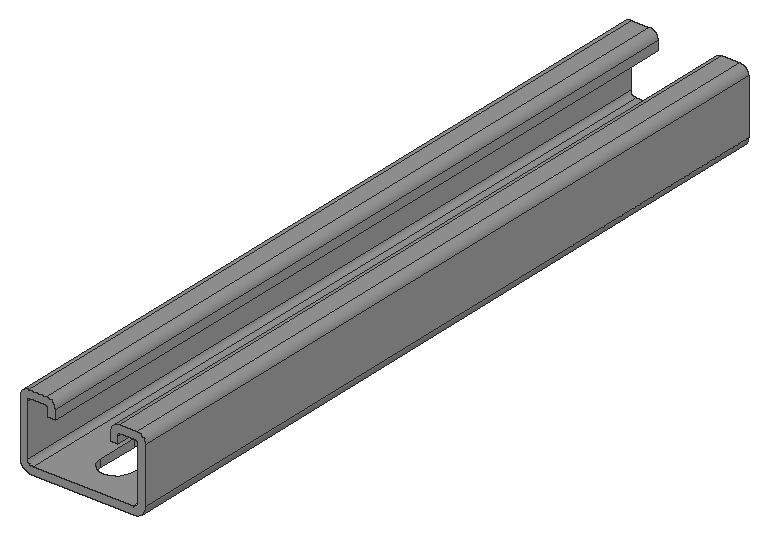
Revit family "Profilschiene- MS5030P0300 FT", category Generic Models, Revit 2017
Family settings
  Can host rebar = No
  Round Connector Dimension = Use Diameter
  Part Type = Normal
  Work Plane-Based = No
  Always vertical = Yes
  Cut with Voids When Loaded = No
  Shared = No
  Room Calculation Point = No
Parameters (values of type "MS5030P0300FT")
  Width 1 = 50 mm / 2  # 25 mm
  Width = 50 mm
  URL = "http://www.obo-bettermann.com"
  Material = Hot-dip galvanised
  Manufacturer Art.No. = "1121243"
  Manufacturer = "OBO Bettermann"
  Length = 300 mm
  GTIN = "4012195672975"
  Cut's space = 50 mm
  Cut's number = Length / Cut's space  # 6
  Article Type = "MS5030P0300FT"
Reference planes
  plane 1 "Center (Front/Back)": y = 0
  plane 2: z = 0
  plane 3 "Center (Left/Right)": x = 0
  plane 4: z = 30
  plane 5: z = 23
  plane 6: y = 300
  plane 7: y = 10
  plane 8: y = 40
  plane 9: y = 60
Forms (mm)
  Extrusion 1, solid, material "Hot-dip galvanised" <- "Material"
    sketch origin (0, 0, 0) x (1, 0, 0) y (0, 0, 1)
      loop
        line (-20.4, 0) -> (20.4, 0)
        arc (20.4, 0) -> (23.653, 1.347) -> (25, 4.6) r 4.6
        line (25, 4.6) -> (25, 26.5)
        arc (25, 26.5) -> (23.975, 28.975) -> (21.5, 30) r 3.5
        line (21.5, 30) -> (14.5, 30)
        arc (14.5, 30) -> (12.025, 28.975) -> (11, 26.5) r 3.5
        line (11, 26.5) -> (11, 23) -> (14, 23) -> (14, 26)
        arc (14, 26) -> (14.293, 26.707) -> (15, 27) r 1
        line (15, 27) -> (21, 27)
        arc (21, 27) -> (21.707, 26.707) -> (22, 26) r 1
        line (22, 26) -> (22, 5)
        arc (22, 5) -> (21.414, 3.586) -> (20, 3) r 2
        line (20, 3) -> (-20, 3)
        arc (-20, 3) -> (-21.414, 3.586) -> (-22, 5) r 2
        line (-22, 5) -> (-22, 26)
        arc (-22, 26) -> (-21.707, 26.707) -> (-21, 27) r 1
        line (-21, 27) -> (-15, 27)
        arc (-15, 27) -> (-14.293, 26.707) -> (-14, 26) r 1
        line (-14, 26) -> (-14, 23) -> (-11, 23) -> (-11, 26.5)
        arc (-11, 26.5) -> (-12.025, 28.975) -> (-14.5, 30) r 3.5
        line (-14.5, 30) -> (-21.5, 30)
        arc (-21.5, 30) -> (-23.975, 28.975) -> (-25, 26.5) r 3.5
        line (-25, 26.5) -> (-25, 4.6)
        arc (-25, 4.6) -> (-23.653, 1.347) -> (-20.4, 0) r 4.6
    from -300 to 0
  Extrusion 2, void
    sketch origin (0, 0, 0) x (1, 0, 0) y (0, 1, 0)
      loop
        arc (-6.5, 16.517) -> (0, 10.017) -> (6.5, 16.517) r 6.5
        line (6.5, 16.517) -> (6.5, 33.404)
        arc (6.5, 33.404) -> (0, 39.904) -> (-6.5, 33.404) r 6.5
        line (-6.5, 33.404) -> (-6.5, 16.517)
    from 0 to 3
  Extrusion 3, void
    sketch origin (0, 49.983, 0) x (1, 0, 0) y (0, 1, 0)
      loop
        arc (-6.5, 16.517) -> (0, 10.017) -> (6.5, 16.517) r 6.5
        line (6.5, 16.517) -> (6.5, 33.404)
        arc (6.5, 33.404) -> (0, 39.904) -> (-6.5, 33.404) r 6.5
        line (-6.5, 33.404) -> (-6.5, 16.517)
    from 0 to 3
  Extrusion 4, void
    sketch origin (0, 99.965, 0) x (1, 0, 0) y (0, 1, 0)
      loop
        arc (-6.5, 16.517) -> (0, 10.017) -> (6.5, 16.517) r 6.5
        line (6.5, 16.517) -> (6.5, 33.404)
        arc (6.5, 33.404) -> (0, 39.904) -> (-6.5, 33.404) r 6.5
        line (-6.5, 33.404) -> (-6.5, 16.517)
    from 0 to 3
  Extrusion 5, void
    sketch origin (0, 149.948, 0) x (1, 0, 0) y (0, 1, 0)
      loop
        arc (-6.5, 16.517) -> (0, 10.017) -> (6.5, 16.517) r 6.5
        line (6.5, 16.517) -> (6.5, 33.404)
        arc (6.5, 33.404) -> (0, 39.904) -> (-6.5, 33.404) r 6.5
        line (-6.5, 33.404) -> (-6.5, 16.517)
    from 0 to 3
  Extrusion 6, void
    sketch origin (0, 199.931, 0) x (1, 0, 0) y (0, 1, 0)
      loop
        arc (-6.5, 16.517) -> (0, 10.017) -> (6.5, 16.517) r 6.5
        line (6.5, 16.517) -> (6.5, 33.404)
        arc (6.5, 33.404) -> (0, 39.904) -> (-6.5, 33.404) r 6.5
        line (-6.5, 33.404) -> (-6.5, 16.517)
    from 0 to 3
  Extrusion 7, void
    sketch origin (0, 249.914, 0) x (1, 0, 0) y (0, 1, 0)
      loop
        arc (-6.5, 16.517) -> (0, 10.017) -> (6.5, 16.517) r 6.5
        line (6.5, 16.517) -> (6.5, 33.404)
        arc (6.5, 33.404) -> (0, 39.904) -> (-6.5, 33.404) r 6.5
        line (-6.5, 33.404) -> (-6.5, 16.517)
    from 0 to 3
Cuts and joins
  Extrusion 2, Extrusion 3, Extrusion 4, Extrusion 5, Extrusion 6, Extrusion 7 cuts Extrusion 1
Dimensions and locks
  locked: plane 4 to Extrusion 1 sketch curve at 30
  locked: Extrusion 1 sketch curve to plane 3 "Center (Left/Right)" at 25  (x2)
  "Width": Extrusion 1 sketch curve to Extrusion 1 sketch curve
  locked: plane 4 to plane 5 at 7
  locked: Extrusion 1 sketch curve to Extrusion 1 sketch curve at 22
  locked: Extrusion 1 to Extrusion 1 at 3  (x5)
  "Length": Extrusion 1 to Extrusion 1
  locked: plane 1 "Center (Front/Back)" to plane 7 at 10
  locked: Extrusion 2 sketch curve to Extrusion 2 sketch curve at 13
  locked: plane 8 to plane 7 at 30
  locked: plane 9 to plane 8 at 20
  locked: Extrusion 3 sketch curve to Extrusion 3 sketch curve at 13
  equal spacing: group 1, group 2, group 3, group 4, group 5, group 6  (x3)
  locked: cut or joined group of Extrusion 1, Extrusion 2, Extrusion 3, Extrusion 4, Extrusion 5, Extrusion 6, Extrusion 7 to plane 8 at 20
  locked: Extrusion 4 sketch curve to Extrusion 4 sketch curve at 13
  locked: Extrusion 5 sketch curve to Extrusion 5 sketch curve at 13
  locked: Extrusion 6 sketch curve to Extrusion 6 sketch curve at 13
  locked: Extrusion 7 sketch curve to Extrusion 7 sketch curve at 13
  aligned and locked: level to plane 2
  aligned and locked: plane 1 "Center (Front/Back)" to Extrusion 1
  aligned and locked: Extrusion 1 to Extrusion 2
  aligned and locked: Extrusion 2 to level
Automatic sketch dimensions
  Extrusion 1 sketch curve to Extrusion 1 sketch curve = 0.4 mm  (x2)
  Extrusion 1 sketch curve to plane 5 = 0 mm  (x2)
  Extrusion 1 sketch curve to plane 4 = 0 mm  (x2)
  level to Extrusion 1 sketch curve = 4.6 mm
  Extrusion 1 sketch curve to Extrusion 1 sketch curve = 0.5 mm  (x4)
  Extrusion 1 sketch curve to Extrusion 1 sketch curve = 6 mm
  Extrusion 1 sketch curve to Extrusion 1 sketch curve = 1 mm  (x3)
  plane 3 "Center (Left/Right)" to Extrusion 1 sketch curve = 11 mm
  Extrusion 1 sketch curve to Extrusion 1 sketch curve = 3.5 mm  (x2)
  Extrusion 1 sketch curve to Extrusion 1 sketch curve = 3 mm  (x3)
  Extrusion 1 sketch curve to Extrusion 1 sketch curve = 1.6 mm  (x2)
  plane 5 to Extrusion 1 sketch curve = 3 mm
  Extrusion 1 sketch curve to Extrusion 1 sketch curve = 5 mm
  Extrusion 2 sketch curve to Extrusion 2 sketch curve = 16.887 mm
  Extrusion 3 sketch curve to Extrusion 3 sketch curve = 16.887 mm
  Extrusion 4 sketch curve to Extrusion 4 sketch curve = 16.887 mm
  Extrusion 5 sketch curve to Extrusion 5 sketch curve = 16.887 mm
  Extrusion 6 sketch curve to Extrusion 6 sketch curve = 16.887 mm
  Extrusion 7 sketch curve to Extrusion 7 sketch curve = 16.887 mm
